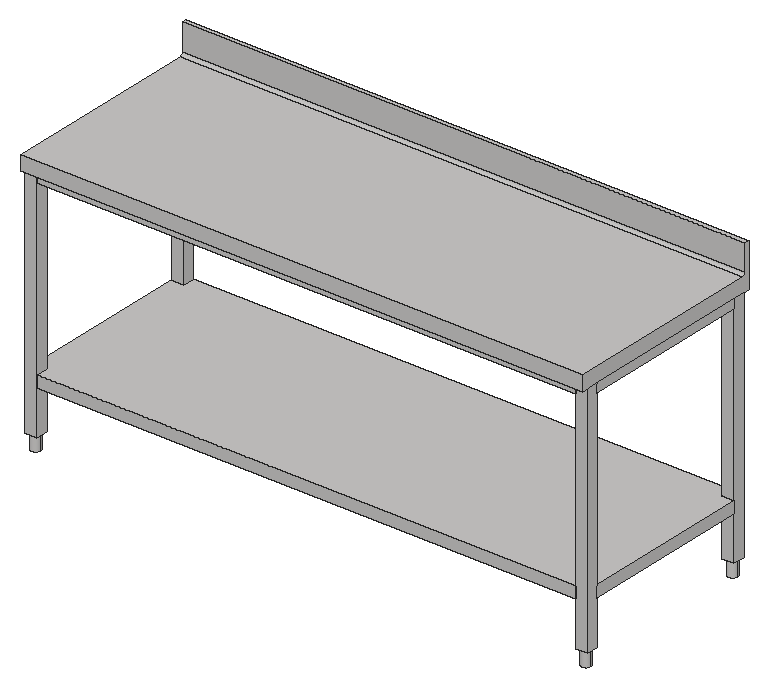
Revit family "QF_ELECTROLUXPROFESSIONAL_134102_LSGTG1910E", category Attrezzature speciali, Revit 2020
Family settings
  Quota connettore circolare = Usa diametro
  Tipo di parte = Normale
  Basato su piano di lavoro = No
  Sempre verticale = Sì
  Taglio con vuoti quando caricato = No
  Condiviso = No
  Punto di calcolo locali = No
Parameters (values of type "Standard")
  Weight = 63.50 kg
  Watts = 0 W
  Volts = 0 V
  URL Manufacturer = "https://www.electroluxprofessional.com/"
  URL = "https://www.electroluxprofessional.com/"
  Steam Supply Size = 0 mm
  Steam Supply Minimum Pressure = 0.0 Pa
  Steam Supply Maximum Pressure = 0.0 Pa
  Steam Consumption per Hour = 0
  Refrigeration Suction Line Size = 0.0 mm
  Refrigeration Liquid Line Size = 0.0 mm
  Refrigerant Compressor Remote = yes
  Prospetto di default = 0.0 mm
  Produttore = "Electrolux Professional"
  Phase = 0
  Modello = "LSGTG1910E"
  Length Actual = 1900.0 mm  # constant formula
  Item Number = "134102"
  Hot Water Size = 0 mm
  Height Actual = 1000.0 mm  # constant formula
  HP = "0 HP"
  Gas Size = 0 mm
  Gas KW = 0
  Gas Input Pressure = 0 W
  Direct Waste Size = 0 mm
  Descrizione = "WORK TABLE  1900 MM+UPSTAND+LOWER SHELF"
  Depth Actual = 700.0 mm  # constant formula
  Cycle = 0 Hz
  Condensate Return Size = 0 mm
  Compressed Air Volume = 0.0 L/s
  Compressed Air Size = 0 mm
  Compressed Air Pressure = 0.0 Pa
  Cold Water Size = 0 mm
  Accessory = yes
Reference planes
  plane 1 "Center (Front/Back)": y = 0
  plane 2: z = 0
  plane 3 "Center (Left/Right)": x = -450
  plane 4 "LEFT": x = -1400
  plane 5 "RIGHT": x = 500
  plane 6 "BACK": y = 350
  plane 7 "FRONT": y = -350
  plane 8 "Base": z = 850
  plane 9 "TOP": z = 900
  plane 10: x = -1380
  plane 11: x = 480
  plane 12: y = 310
  plane 13: y = -310
  plane 14 "TRAVERSI": z = 820
  plane 15: x = -1360
  plane 16: x = 460
  plane 17: y = 290
  plane 18: y = -290
  plane 19: y = 330
  plane 20: y = -330
  plane 21 "Plane": z = 200
Forms (mm)
  Extrusion 1, solid, material "QF_Finishes_Stainless Steel"
    sketch origin (-450, 0, 0) x (0, 1, 0) y (0, 0, 1)
      loop
        line (-350, 850) -> (350, 850) -> (350, 1000) -> (337, 1000) -> (337, 910)
        arc (337, 910) -> (334.071, 902.929) -> (327, 900) r 10
        line (327, 900) -> (-350, 900) -> (-350, 850)
    from 950 to -950
  Extrusion 2, solid, material "QF_Finishes_Stainless Steel"
    sketch origin (0, 0, 820) x (0, 1, 0) y (-1, 0, 0)
      loop
        line (290, -460) -> (-290, -460) -> (-290, -500) -> (290, -500) -> (290, -460)
      loop
        line (290, 1400) -> (-290, 1400) -> (-290, 1360) -> (290, 1360) -> (290, 1400)
    from 0 to 30
  Extrusion 3, solid, material "QF_Finishes_Stainless Steel"
    sketch origin (0, 0, 820) x (0, 1, 0) y (-1, 0, 0)
      loop
        line (330, -460) -> (330, 1360) -> (290, 1360) -> (290, -460) -> (330, -460)
      loop
        line (-290, 1360) -> (-330, 1360) -> (-330, -460) -> (-290, -460) -> (-290, 1360)
    from 0 to 30
  Extrusion 4, solid, material "QF_Finishes_Stainless Steel"
    sketch origin (0, 0, 200) x (0, 1, 0) y (-1, 0, 0)
      loop
        line (290, 1400) -> (-290, 1400) -> (-290, 1360) -> (-330, 1360) -> (-330, -460) -> (-290, -460) -> (-290, -500) -> (290, -500) -> (290, -460) -> (330, -460) -> (330, 1360) -> (290, 1360) -> (290, 1400)
    from 0 to 40
Lines and regions (mm)
  symbolic lines
    curve 1: line (500, 350, 900) -> (-1400, 350, 900)
    curve 2: line (-1400, 350, 900) -> (-1400, -350, 900)
    curve 3: line (-1400, -350, 900) -> (500, -350, 900)
    curve 4: line (500, -350, 900) -> (500, 350, 900)
    curve 5: line (-1400, 337, 820) -> (500, 337, 820)
Dimensions and locks
  plane 4 "LEFT" to plane 5 "RIGHT" = 1900.0 mm
  equal spacing: plane 4 "LEFT", plane 3 "Center (Left/Right)", plane 5 "RIGHT"
  plane 4 "LEFT" to plane 10 = 20.0 mm
  plane 11 to plane 5 "RIGHT" = 20.0 mm
  plane 10 to plane 11 = 1860.0 mm
  plane 6 "BACK" to plane 12 = 40.0 mm
  plane 13 to plane 7 "FRONT" = 40.0 mm
  plane 6 "BACK" to plane 7 "FRONT" = 700.0 mm
  plane 12 to plane 13 = 620.0 mm
  equal spacing: plane 6 "BACK", plane 1 "Center (Front/Back)", plane 7 "FRONT"
  plane 8 "Base" to plane 14 "TRAVERSI" = 30.0 mm
  locked: plane 10 to plane 15 at 20
  locked: plane 16 to plane 11 at 20
  locked: plane 19 to plane 12 at 20
  locked: plane 12 to plane 17 at 20
  locked: plane 18 to plane 13 at 20
  locked: plane 13 to plane 20 at 20
  locked: plane 8 "Base" to level at 850
  locked: Extrusion 1 to level at 1000
  locked: plane 21 "Plane" to level at 200
  aligned and locked: level to plane 2
  aligned and locked: plane 10 to nested 1
  aligned and locked: nested 1 to plane 13
  aligned and locked: plane 11 to nested 2
  aligned and locked: nested 2 to plane 13
  aligned and locked: plane 11 to nested 4
  aligned and locked: nested 4 to plane 12
  aligned and locked: plane 10 to nested 3
  aligned and locked: nested 3 to plane 12
  aligned and locked: Extrusion 1 to plane 4 "LEFT"
  aligned and locked: plane 5 "RIGHT" to Extrusion 1
  aligned and locked: curve 2 to plane 4 "LEFT"
  aligned and locked: Extrusion 2 sketch curve to plane 5 "RIGHT"
  aligned and locked: Extrusion 2 sketch curve to plane 17  (x2)
  aligned and locked: plane 16 to Extrusion 2 sketch curve
  aligned and locked: plane 18 to Extrusion 2 sketch curve  (x2)
  aligned and locked: plane 4 "LEFT" to Extrusion 2 sketch curve
  aligned and locked: Extrusion 2 sketch curve to plane 15
  aligned and locked: plane 19 to Extrusion 3 sketch curve
  aligned and locked: Extrusion 3 sketch curve to plane 17
  aligned and locked: Extrusion 3 sketch curve to plane 18
  aligned and locked: plane 20 to Extrusion 3 sketch curve
  aligned and locked: Extrusion 3 sketch curve to plane 15
  aligned and locked: plane 15 to Extrusion 3 sketch curve
  aligned and locked: plane 16 to Extrusion 3 sketch curve
  aligned and locked: Extrusion 3 sketch curve to plane 16
  aligned and locked: curve 5 to Extrusion 1
  aligned and locked: plane 19 to Extrusion 4 sketch curve
  aligned and locked: plane 5 "RIGHT" to Extrusion 4 sketch curve
  aligned and locked: Extrusion 4 sketch curve to plane 4 "LEFT"
  aligned and locked: Extrusion 4 sketch curve to plane 20
  aligned and locked: Extrusion 4 sketch curve to Extrusion 2
  aligned and locked: Extrusion 4 sketch curve to plane 15
  aligned and locked: plane 17 to Extrusion 4 sketch curve  (x2)
  aligned and locked: Extrusion 4 sketch curve to plane 18  (x2)
  aligned and locked: plane 16 to Extrusion 4 sketch curve  (x2)
Automatic sketch dimensions
  curve 3 to plane 7 "FRONT" = 0.0 mm
  curve 4 to plane 6 "BACK" = 0.0 mm
  curve 4 to plane 5 "RIGHT" = 0.0 mm
  Extrusion 1 sketch curve to plane 7 "FRONT" = 0.0 mm
  Extrusion 1 sketch curve to plane 9 "TOP" = 0.0 mm
  Extrusion 1 sketch curve to plane 6 "BACK" = 0.0 mm
  Extrusion 1 sketch curve to plane 8 "Base" = 0.0 mm
  Extrusion 1 sketch curve to plane 19 = 3.0 mm
  plane 19 to Extrusion 1 sketch curve = 7.0 mm
  Extrusion 1 sketch curve to Extrusion 1 sketch curve = 90.0 mm
  curve 5 to plane 5 "RIGHT" = 0.0 mm
  curve 5 to plane 4 "LEFT" = 0.0 mm
Nested families
  nested 1: "FEET_40x40_P50" at (-1380, -310, 0), type "FEET_40x40_P50"
  nested 2: "FEET_40x40_P50" at (480, -310, 0), type "FEET_40x40_P50"
  nested 3: "FEET_40x40_P50" at (-1380, 310, 0), type "FEET_40x40_P50"
  nested 4: "FEET_40x40_P50" at (480, 310, 0), type "FEET_40x40_P50"
Definition of nested family "FEET_40x40_P50"
  Parameters
    Default Elevation = 0.0 mm
    FEET = 850.0 mm
  Reference planes
    plane 1 "Center (Front/Back)": y = 0
    plane 2: z = 0
    plane 3 "Center (Left/Right)": x = 0
    plane 4: z = 850
  Forms (mm)
    Extrusion 1, solid
      sketch origin (0, 0, 0) x (1, 0, 0) y (0, 1, 0)
        loop
          line (-20, -20) -> (20, -20) -> (20, 20) -> (-20, 20) -> (-20, -20)
      from 50 to 850
    Extrusion 2, solid
      sketch origin (0, 0, 0) x (1, 0, 0) y (0, 1, 0)
        loop
          circle (0, 0) r 16
      from 0 to 50
  Lines and regions (mm)
    symbolic lines
      curve 1: line (0, -1.503, 0) -> (0, 1.508, 0)
      curve 2: line (1.561, 0, 0) -> (-1.439, 0, 0)
  Dimensions and locks
    "FEET": plane 4 to plane 2
    aligned and locked: level to plane 2
  Automatic sketch dimensions
    Extrusion 1 sketch curve to plane 3 "Center (Left/Right)" = 20.0 mm
    plane 3 "Center (Left/Right)" to Extrusion 1 sketch curve = 20.0 mm
    plane 1 "Center (Front/Back)" to Extrusion 1 sketch curve = 20.0 mm
    Extrusion 1 sketch curve to plane 1 "Center (Front/Back)" = 20.0 mm
    plane 1 "Center (Front/Back)" to Extrusion 2 sketch curve = 0.0 mm
    Extrusion 2 sketch curve to plane 3 "Center (Left/Right)" = 0.0 mm
    plane 1 "Center (Front/Back)" to curve 2 = 0.0 mm
    curve 1 to plane 3 "Center (Left/Right)" = 0.0 mm
    curve 2 to plane 3 "Center (Left/Right)" = 1.439 mm
    plane 3 "Center (Left/Right)" to curve 2 = 1.561 mm
    plane 1 "Center (Front/Back)" to curve 1 = 1.503 mm
    curve 1 to plane 1 "Center (Front/Back)" = 1.508 mm
    radius of Extrusion 2 sketch curve = 16.0 mm
